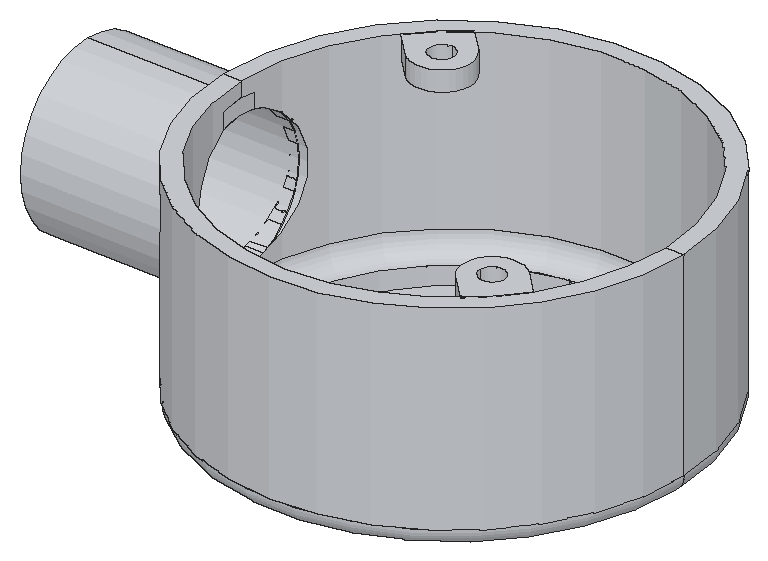
Revit family "ET1G", category Generic Models, Revit 2017
Family settings
  Can host rebar = No
  Round Connector Dimension = Use Diameter
  Part Type = Normal
  Work Plane-Based = Yes
  Always vertical = No
  Cut with Voids When Loaded = No
  Shared = No
  Room Calculation Point = No
Parameters (values of type "NBS Standard Parameters")
  Weight = "0.2064Kg"
  WarrantyStartDate [instance] = "1900-12-31T23:59:59"
  WarrantyGuarantorParts = "n/a"
  WarrantyGuarantorLabor = "n/a"
  WarrantyDurationUnit = "1 year"
  WarrantyDurationParts = "n/a"
  WarrantyDurationLabor = "n/a"
  WarrantyDescription = "n/a"
  Version = "1"
  Uniclass2 = "Pr_65_70_11_20"
  TagNumber [instance] = "n/a"
  SustainabilityPerformance = "n/a"
  Size = "20mm"
  Shape = "Circular"
  SerialNumber [instance] = "n/a"
  Revision = "n/a"
  ReplacementCost = "n/a"
  ProductInformation = "www.metpro.co.uk/pdf/et1g.pdf"
  NominalWidth = 63 mm
  NominalLength = 63 mm
  NominalHeight = 28 mm
  Name = ""
  NBSTypeID = ""
  NBSReference = "90-55-10/460"
  NBSOfficeMasterTag = ""
  NBSNote = ""
  NBSDescription = "Conduit Fittings"
  NBSCertification = ""
  ModelReference = "ET1G"
  ModelNumber = "n/a"
  Material = "Malleable Iron"
  ManufacturerURL = "www.metpro.co.uk"
  ManufacturerName = "Metpro Ltd"
  Keynote = "Compliant to LU Standard 1-085"
  InstallationDate [instance] = "1900-12-31T23:59:59"
  IfcExportType = ""
  IfcExportAs = ""
  Grade = "n/a"
  Finish = "Galvanised"
  Features = "n/a"
  ExpectedLife = "n/a"
  DurationUnit = "year"
  Description = "ET1G  20mm Terminal Extension Malleable Conduit Box"
  Default Elevation = 1219.2 mm
  Constituents = "n/a"
  Color = "n/a"
  CodePerformance = "n/a"
  Category = "n/a"
  BarCode [instance] = "n/a"
  BIMObjectName = "Metpro_Metprolibrary_Conduitfittings_Metalcomponents_Malleablecircularbox"
  Author = "Metpro Limited"
  AssetType = ""
  AssetIdentifier [instance] = "n/a"
  AccessibilityPerformance = "n/a"
Reference planes
  plane 1 "Center (Front/Back)": y = 0
  plane 2: z = 0
  plane 3 "Center (Left/Right)": x = 0
Forms (mm)
  Revolve 1, solid
    sketch origin (-0.539, 29.53, -25.271) x (1, 0, 0) y (0, 0, 1)
      loop
        line (-32.5, 40.541) -> (-32.5, 12.5)
        arc (-32.5, 12.5) -> (-31.768, 10.732) -> (-30, 10) r 2.5
        line (-30, 10) -> (-10, 10) -> (-10, 12.541) -> (-27, 12.541)
        arc (-27, 12.541) -> (-29.121, 13.42) -> (-30, 15.541) r 3
        line (-30, 15.541) -> (-30, 40.541) -> (-32.5, 40.541)
      axis (0, 10) -> (0, 40.541)
    angle from 0 to 360
  Extrusion 2, solid
    sketch origin (-0.539, 29.53, 15.271) x (0, 1, 0) y (-1, 0, 0)
      loop
        arc (-13.805, -21.577) -> (-13.887, -16.02) -> (-19.441, -15.821) r 4.033
        line (-19.441, -15.821) -> (-22.946, -19.326)
        arc (-22.946, -19.326) -> (-20.14, -22.235) -> (-16.968, -24.74) r 30
        line (-16.968, -24.74) -> (-13.805, -21.577)
      loop
        circle (-16.769, -18.842) r 1.752
      loop
        line (21.577, 13.805) -> (24.74, 16.968)
        arc (24.74, 16.968) -> (22.235, 20.14) -> (19.326, 22.946) r 30
        line (19.326, 22.946) -> (15.821, 19.441)
        arc (15.821, 19.441) -> (16.02, 13.887) -> (21.577, 13.805) r 4.033
      loop
        circle (18.842, 16.769) r 1.752
    from -2.782 to 0
  Extrusion 3, void
    sketch origin (-0.539, 29.53, -25.271) x (0, 0, 1) y (0, -1, 0)
      loop
        circle (26.504, 0.168) r 10
    from -74.47 to 4.707
  Extrusion 4, solid
    sketch origin (-2.039, 29.53, -24.021) x (0, 0, 1) y (0, 1, 0)
      loop
        circle (25.254, -0.168) r 10
      loop
        circle (25.254, -0.168) r 12
    from 28.292 to 50
  Extrusion 5, void
    sketch origin (-0.539, 29.53, -15.271) x (1, 0, 0) y (0, 1, 0)
      loop
        arc (-25.08, -10) -> (-17.162, -20.844) -> (-5, -26.533) r 27
        arc (-5, -26.533) -> (-3.167, -24.235) -> (-5, -21.937) r 2.357
        arc (-5, -21.937) -> (-13.922, -17.675) -> (-20.156, -10) r 22.5
        arc (-20.156, -10) -> (-22.618, -8.015) -> (-25.08, -10) r 2.519
      loop
        arc (20.156, -10) -> (13.922, -17.675) -> (5, -21.937) r 22.5
        arc (5, -21.937) -> (3.167, -24.235) -> (5, -26.533) r 2.357
        arc (5, -26.533) -> (17.162, -20.844) -> (25.08, -10) r 27
        arc (25.08, -10) -> (22.618, -7.99) -> (20.156, -10) r 2.513
      loop
        arc (21.937, 5) -> (24.235, 3.167) -> (26.533, 5) r 2.357
        arc (26.533, 5) -> (19.092, 19.092) -> (5, 26.533) r 27
        arc (5, 26.533) -> (3.167, 24.235) -> (5, 21.937) r 2.357
        arc (5, 21.937) -> (15.91, 15.91) -> (21.937, 5) r 22.5
      loop
        arc (-21.937, 5) -> (-15.91, 15.91) -> (-5, 21.937) r 22.5
        arc (-5, 21.937) -> (-3.167, 24.235) -> (-5, 26.533) r 2.357
        arc (-5, 26.533) -> (-19.092, 19.092) -> (-26.533, 5) r 27
        arc (-26.533, 5) -> (-24.235, 3.167) -> (-21.937, 5) r 2.357
      loop
        circle (-17.24, 0) r 2.24
    from 0 to 13.512
Cuts and joins
  Extrusion 3, Extrusion 5 cuts Revolve 1
  Extrusion 3, Extrusion 5 cuts Extrusion 4
  Extrusion 5 cuts Extrusion 2
Dimensions and locks
  aligned and locked: level to plane 2
